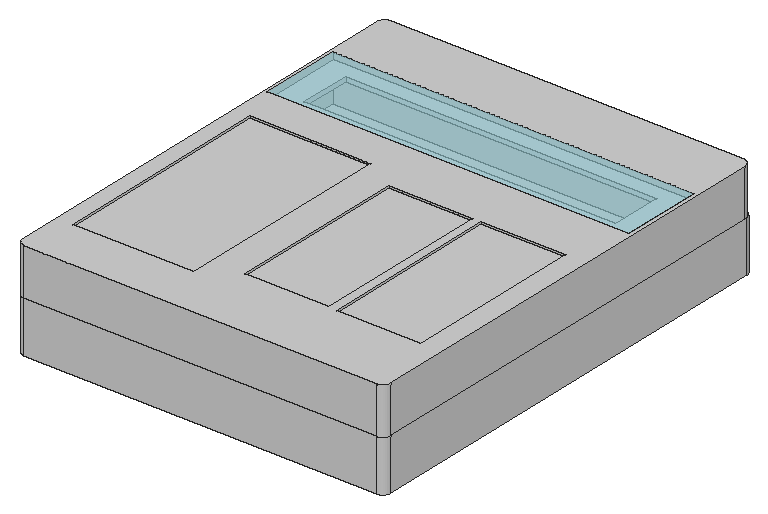
Revit family "Building-IEC309Boards-GEWISS-68QDIN-DISTRIBUTION-BOARD-20MOD_3SOCKET-OUTLETS_IB_VERT", category Apparecchi elettrici, host Superficie, Revit 2019
Family settings
  Host = Superficie
  Mantenere orientamento annotazione = Sì
  Quota connettore circolare = Usa diametro
  Tipo di parte = Normale
  Taglio con vuoti quando caricato = No
  Condiviso = No
  Punto di calcolo locali = Sì
Parameters (values of type "GW68022N - Q-DIN 20M 1S.O.BL.63A2S.O.BL.16/32A IP65")
  visibilita posizionamento 2d [instance] = yes
  simbolo 2d [instance] = yes
  oggetto in pianta [instance] = not(visibilita posizionamento 2d)  # no
  distanza_simbolo [instance] = 0.1 mm
  bordo acceso [instance] = yes
  Working temperature = "-25 ÷ +40 °C"
  Visibilità sportello [instance] = yes
  Version type = "Empty"
  Version file RFA = "21.5"
  VETRO = Vetro
  URL = "https://www.gewiss.com/ww/en"
  Thermo-pressure with ball = "70 °C"
  Technical sheet = "https://www.gewiss.com/ww/en/search?q=GW68022N"
  Spostamento_effettivo_S [instance] = 4000 mm - Spostamento_S  # 3000 mm
  Spostamento_S = 1000 mm
  Simbolo_quadro [instance] = not(simbolo 2d)  # no
  Shock resistance = "IK08"
  STRUTTURA ALTA = Poche
  STRUTTURA = RAL - 7035
  SEO = "Board"
  Realized by GEWISS S.p.A. = ""
  Default Elevation = 1219.2 mm
  Produttore = "GEWISS S.p.A."
  PRESA = rosso
  POMELLO = bianco
  Operating temperature: = "-25 +40 °C"
  No. of provided blank lids = "1 IB 16/32A"
  No. of modules EN 50022 = "20"
  No. of blank lids supplied = "1 IB 16/32A"
  No. IB socket-outlets houseable = "1 IB Vert. 63A IP67 + 2 IB Vert. 16/32A IP67"
  N_Moduli = 20 mm
  Modello = "GW68022N"
  L_Moduli = N_Moduli * 19  # 380 mm
  Insulation class = "II"
  Installation type = "Surface-mounting"
  Immagine tipo = GW68022N.jpg
  IP degree = "IP65"
  IDT = "c5faa6ce-0638-4a66-bbf1-3e08dc7c6100"
  IDF = "0a978d39-9037-424a-8be2-c3a2fb2c057e"
  Houseable socket = "1 IB Vert. 63A IP67 + 2 IB Vert. 16/32A IP67"
  Glow Wire Test = "650°C"
  Electrocod = "2242"
  EAN code = "8011564744899"
  Dispersible power B (W) = "92"
  Dispersible power A (W) = "30"
  Descrizione = "Q-DIN 20M 1S.O.BL.63A2S.O.BL.16/32A IP65"
  Colour = "Grey RAL 7035"
  Catalogue Range = "68 QDIN"
  Catalogue = "BUILDING"
  COBie.Tagnumber = ""
  COBie.CreatedOn = ""
  COBie.CreatebBy = ""
  COBie.ComponentRegisterItemID = ""
  COBie.Component.TagNumber = ""
  COBie.Component.Space = ""
  COBie.Component.SerialNumber = ""
  COBie.Component.InstallationDate = ""
  COBie.Component.Description = ""
  COBie.Component.BarCode = ""
  Accordance with Standards = "EN 60208 - EN 60670-1 - IEC 60670-24"
Reference planes
  plane 1 "Centro (Fronte/Retro)": y = 0
  plane 2: z = 0
  plane 3 "Centro (Sinistra/Destra)": x = 0
  plane 4: x = -3000
  plane 5: x = 0
Forms (mm)
  Extrusion 1, solid, detail levels coarse
    sketch origin (0, 0, 0) x (1, 0, 0) y (0, 1, 0)
      loop
        line (-225, 0) -> (225, 0) -> (225, 560) -> (-225, 560) -> (-225, 0)
    from 0 to 120
Lines and regions (mm)
  Masking region 1, visible <- "visibilita posizionamento 2d"
    outline origin (0, 0, 0) x (1, 0, 0) y (0, 0, 1)
      loop
        line (-160, 0) -> (160, 0) -> (160, 96) -> (-160, 96) -> (-160, 0)
Dimensions and locks
  plane 4 to plane 3 "Centro (Sinistra/Destra)" = 3000 mm
  "Spostamento_effettivo_S": plane 4 to plane 5
  aligned and locked: plane 2 to host face
  aligned and locked: level to host face
  aligned and locked: nested 1 to plane 5
  aligned and locked: nested 3 to plane 5
  aligned and locked: nested 2 to plane 5
  aligned and locked: nested 2 to Extrusion 1 sketch curve  (x2)
  aligned and locked: Extrusion 1 sketch curve to nested 2
  aligned and locked: plane 1 "Centro (Fronte/Retro)" to nested 2
  aligned and locked: nested 2 to Extrusion 1
  aligned and locked: Extrusion 1 to level
  aligned and locked: nested 2 to host face
  aligned and locked: Extrusion 1 to nested 2
Automatic sketch dimensions
  host sketch curve to host sketch curve = 2438.4 mm  (x2)
  Masking region 1 sketch curve to level = 0 mm
  Masking region 1 sketch curve to plane 3 "Centro (Sinistra/Destra)" = 160 mm
  plane 3 "Centro (Sinistra/Destra)" to Masking region 1 sketch curve = 160 mm
  Masking region 1 sketch curve to Masking region 1 sketch curve = 96 mm
  Extrusion 1 sketch curve to Extrusion 1 sketch curve = 560 mm
Nested families
  nested 1: "CENTRALINO" at (0, 737.795, 0), BORDO ACCESO <- "bordo acceso", SIMBOLO ACCESO <- "simbolo 2d", Distanza dal muro <- "distanza_simbolo", visible <- "simbolo 2d", type "CENTRALINO"
    with SIMBOLO ACCESO yes, Distanza dal muro 0.1 mm, BORDO ACCESO yes
  nested 2: "68QDIN20 QUADRO DISTRIBUZ X 3 PRESE IND_base" at (0, 357, 0), Visibilita sportello <- "Visibilità sportello", type "68QDIN20 QUADRO DISTRIBUZ X 3 PRESE IND_base", detail levels medium+fine
  nested 3: "simb_CENTRALINO_BASE_cad pro" at (0, 737.795, 0), Distanza dal muro <- "distanza_simbolo", visible <- "Simbolo_quadro", SIMBOLO ACCESO <- "Simbolo_quadro", type "simb_CENTRALINO_BASE_cad pro"
    with SIMBOLO ACCESO no, Distanza dal muro 0.1 mm, BORDO ACCESO yes
Definition of nested family "68QDIN20 QUADRO DISTRIBUZ X 3 PRESE IND_base"
  Parameters (values of type "68QDIN20 QUADRO DISTRIBUZ X 3 PRESE IND_base")
    n_moduli = 380 mm
    h_moduli = 62.79 mm
    Visibilita sportello [instance] = yes
    Vetro = none
    Struttura = none
    Spessore = 120 mm
    Default Elevation = 14 mm
    Presa = none
    Larghezza = 450 mm
    IFC.TypeObject = ""
    IFC.ExportType = ""
    IFC.ExportAs = ""
    H_da terra = 589.057 mm
    COBie.CreatedOn = ""
    COBie.CreatebBy = ""
    COBie.ComponentRegisterItemID = ""
    COBie.Component.TagNumber = ""
    COBie.Component.Space = ""
    COBie.Component.SerialNumber = ""
    COBie.Component.InstallationDate = ""
    COBie.Component.Description = ""
    COBie.Component.BarCode = ""
    Altezza scatole = 350 mm
    Altezza quadro = 150 mm
    Altezza = 258 mm
  Reference planes
    plane 1 "Centro (Fronte/Retro)": y = 0
    plane 2: z = 0
    plane 3 "Centro (Sinistra/Destra)": x = 0
    plane 4: z = 63
    plane 5: x = -225
    plane 6: x = 225
    plane 7: x = -221
    plane 8: x = 221
    plane 9: y = 122
    plane 10: y = 21.246
    plane 11: y = 0
    plane 12: y = -25.754
    plane 13: y = -357
    plane 14: y = 203
    plane 15: y = 101.79
    plane 16: y = 39
    plane 17: x = -190
    plane 18: x = 190
    plane 19: z = 120
    plane 20: y = 70.395
    plane 21: x = -204.6
    plane 22: x = 223.1
    plane 23: x = -56.6
    plane 24: y = -123
    plane 25: x = -16.6
    plane 26: x = 86.4
    plane 27: x = 96.4
    plane 28: x = 199.4
    plane 29: y = -295.754
    plane 30: y = -269.018
    plane 31: z = 106.8
    plane 32 "pos": z = 112
    plane 33: z = 118
  Forms (mm)
    Extrusion 1, solid, material <- "Struttura"
      sketch origin (0, -857.311, 0) x (1, 0, 0) y (0, 1, 0)
        loop
          arc (-215, 1060.311) -> (-222.071, 1057.382) -> (-225, 1050.311) r 10
          line (-225, 1050.311) -> (-225, 510.311)
          arc (-225, 510.311) -> (-222.071, 503.24) -> (-215, 500.311) r 10
          line (-215, 500.311) -> (215, 500.311)
          arc (215, 500.311) -> (222.071, 503.24) -> (225, 510.311) r 10
          line (225, 510.311) -> (225, 1050.311)
          arc (225, 1050.311) -> (222.071, 1057.382) -> (215, 1060.311) r 10
          line (215, 1060.311) -> (-215, 1060.311)
      from 63 to 120
    Extrusion 2, solid, material <- "Struttura"
      sketch origin (0, -857.311, 0) x (1, 0, 0) y (0, 1, 0)
        loop
          line (217.45, 1060.311) -> (-221.38, 1060.311)
          arc (-221.38, 1060.311) -> (-223.94, 1059.251) -> (-225, 1056.691) r 3.62
          line (-225, 1056.691) -> (-225, 510.311)
          arc (-225, 510.311) -> (-222.071, 503.24) -> (-215, 500.311) r 10
          line (-215, 500.311) -> (215, 500.311)
          arc (215, 500.311) -> (222.071, 503.24) -> (225, 510.311) r 10
          line (225, 510.311) -> (225, 1052.76)
          arc (225, 1052.76) -> (222.789, 1058.099) -> (217.45, 1060.311) r 7.55
      from 0 to 63
    Extrusion 3, void
      sketch origin (0, -857.311, 0) x (1, 0, 0) y (0, 1, 0)
        loop
          line (-221, 979.311) -> (-221, 878.557) -> (221, 878.557) -> (221, 979.311) -> (-221, 979.311)
      from 63 to 120
    Extrusion 4, void
      sketch origin (0, 0, 84.734) x (0, -1, 0) y (1, 0, 0)
        loop
          line (25.754, -204.6) -> (295.754, -204.6) -> (295.754, -56.6) -> (25.754, -56.6) -> (25.754, -204.6)
        loop
          line (269.018, -16.6) -> (269.018, 86.4) -> (49.018, 86.4) -> (49.018, -16.6) -> (269.018, -16.6)
        loop
          line (49.018, 96.4) -> (269.018, 96.4) -> (269.018, 199.4) -> (49.018, 199.4) -> (49.018, 96.4)
      from 33.266 to 35.266
    Extrusion 5, solid
      sketch origin (0, 0, 84.734) x (0, -1, 0) y (1, 0, 0)
        loop
          line (-122, -221) -> (-21.246, -221) -> (-21.246, 221) -> (-122, 221) -> (-122, -221)
      from 22.066 to 27.266
    Extrusion 6, void
      sketch origin (0, 0, 84.734) x (0, -1, 0) y (1, 0, 0)
        loop
          line (-101.79, -190) -> (-39, -190) -> (-39, 190) -> (-101.79, 190) -> (-101.79, -190)
      from 22.066 to 27.266
    Extrusion 7, solid, material <- "Vetro"
      sketch origin (0, 0, 84.734) x (0, -1, 0) y (1, 0, 0)
        loop
          line (-21.246, -221) -> (-21.246, 221) -> (-122, 221) -> (-122, -221) -> (-21.246, -221)
      from 27.266 to 35.266
  Cuts and joins
    Extrusion 3, Extrusion 4 cuts Extrusion 1
    Extrusion 6 cuts Extrusion 5
  Lines and regions (mm)
    model lines
      curve 1: line (190, 70.395, 112) -> (-190, 70.395, 112)
  Dimensions and locks
    locked: plane 5 to plane 7 at 4
    locked: plane 8 to plane 6 at 4
    equal spacing: plane 5, plane 3 "Centro (Sinistra/Destra)", plane 6
    "Larghezza": plane 5 to plane 6
    plane 11 to plane 12 = 25.754 mm
    plane 1 "Centro (Fronte/Retro)" to plane 14 = 203 mm
    plane 13 to plane 11 = 357 mm
    plane 10 to plane 1 "Centro (Fronte/Retro)" = 21.246 mm
    "h_moduli": plane 15 to plane 16
    equal spacing: plane 17, plane 3 "Centro (Sinistra/Destra)", plane 18
    "n_moduli": plane 17 to plane 18
    locked: plane 4 to plane 2 at 63
    equal spacing: plane 15, plane 20, plane 16
    plane 12 to plane 24 = 97.246 mm  (x2)
    locked: plane 22 to plane 6 at 1.9
    plane 21 to plane 23 = 148 mm  (x2)
    locked: plane 27 to plane 28 at 103
    plane 26 to plane 27 = 10 mm
    locked: plane 9 to plane 15 at 20.21
    plane 14 to plane 9 = 81 mm
    plane 10 to plane 12 = 47 mm
    cut or joined group of Extrusion 1, Extrusion 3, Extrusion 4 to cut or joined group of Extrusion 1, Extrusion 3, Extrusion 4 = 270 mm
    plane 13 to plane 14 = 560 mm
    locked: plane 32 "pos" to plane 31 at 5.2
    plane 4 to plane 19 = 57 mm
    locked: plane 19 to plane 32 "pos" at 8
    "Spessore": plane 19 to level
    locked: plane 19 to plane 33 at 2
    locked: plane 28 to plane 22 at 23.7
    plane 25 to plane 26 = 103 mm
    locked: plane 23 to plane 25 at 40
    radius of Extrusion 2 sketch curve = 10 mm  (x2)
    radius of Extrusion 2 sketch curve = 3.62 mm
    radius of Extrusion 2 sketch curve = 7.55 mm
    radius of Extrusion 1 sketch curve = 10 mm  (x4)
    aligned and locked: level to plane 2
    aligned and locked: Extrusion 2 sketch curve to plane 5
    aligned and locked: plane 6 to Extrusion 2 sketch curve
    aligned and locked: plane 6 to Extrusion 1 sketch curve
    aligned and locked: Extrusion 1 sketch curve to plane 5
    aligned and locked: Extrusion 3 sketch curve to plane 7
    aligned and locked: Extrusion 3 sketch curve to plane 8
    aligned and locked: Extrusion 3 sketch curve to plane 9
    aligned and locked: Extrusion 3 sketch curve to plane 10
    aligned and locked: plane 13 to Extrusion 2 sketch curve
    aligned and locked: plane 1 "Centro (Fronte/Retro)" to plane 11
    aligned and locked: plane 14 to Extrusion 1 sketch curve
    aligned and locked: plane 13 to Extrusion 1 sketch curve
    aligned and locked: Extrusion 2 sketch curve to plane 14
    aligned and locked: Extrusion 4 sketch curve to plane 21
    aligned and locked: Extrusion 4 sketch curve to plane 23
    aligned and locked: Extrusion 4 sketch curve to plane 25
    aligned and locked: Extrusion 4 sketch curve to plane 26
    aligned and locked: Extrusion 4 sketch curve to plane 27
    aligned and locked: Extrusion 4 sketch curve to plane 28
    aligned and locked: Extrusion 1 to Extrusion 4
    aligned and locked: Extrusion 4 sketch curve to plane 29
    aligned and locked: plane 30 to Extrusion 4 sketch curve
    aligned and locked: Extrusion 1 to Extrusion 3
    aligned and locked: plane 4 to cut or joined group of Extrusion 1, Extrusion 3, Extrusion 4  (x2)
    aligned and locked: plane 8 to Extrusion 5 sketch curve
    aligned and locked: Extrusion 5 sketch curve to plane 7
    aligned and locked: Extrusion 5 sketch curve to plane 10
    aligned and locked: Extrusion 5 sketch curve to plane 9
    aligned and locked: Extrusion 5 to plane 31
    aligned and locked: plane 32 "pos" to Extrusion 5
    aligned and locked: Extrusion 2 to cut or joined group of Extrusion 1, Extrusion 3, Extrusion 4
    aligned and locked: plane 19 to Extrusion 1
    aligned and locked: cut or joined group of Extrusion 1, Extrusion 3, Extrusion 4 to plane 33
    aligned and locked: Extrusion 6 sketch curve to plane 15
    aligned and locked: Extrusion 6 sketch curve to plane 16
    aligned and locked: Extrusion 6 sketch curve to plane 17
    aligned and locked: Extrusion 6 sketch curve to plane 18
    aligned and locked: Extrusion 6 to plane 31
    aligned and locked: plane 32 "pos" to Extrusion 6
    aligned and locked: Extrusion 7 sketch curve to plane 7
    aligned and locked: Extrusion 7 sketch curve to plane 8
    aligned and locked: Extrusion 7 sketch curve to plane 10
    aligned and locked: Extrusion 7 sketch curve to plane 9
    aligned and locked: Extrusion 7 to plane 32 "pos"
    aligned and locked: plane 19 to Extrusion 7
    aligned and locked: curve 1 to plane 20
    aligned and locked: plane 17 to curve 1
    aligned and locked: plane 18 to curve 1
  Automatic sketch dimensions
    Extrusion 4 sketch curve to plane 12 = 0 mm
    Extrusion 4 sketch curve to plane 12 = 23.264 mm
    plane 30 to Extrusion 4 sketch curve = 0 mm
    Extrusion 4 sketch curve to Extrusion 4 sketch curve = 0 mm
Definition of nested family "CENTRALINO"
  Parameters (values of type "CENTRALINO")
    SIMBOLO ACCESO [instance] = yes
    Distanza dal muro [instance] = 0 mm
    BORDO ACCESO [instance] = yes
  Reference planes
    plane 1: y = 0
    plane 2: x = 0
  Dimensions and locks
    "Distanza dal muro": plane 1 to nested 1
    aligned and locked: plane 2 to nested 1
  Nested families
    nested 1: "CENTRALINO_BASE" at (0, 0, 0), BORDO ACCESO <- "BORDO ACCESO", visible <- "SIMBOLO ACCESO", type "CENTRALINO"
      with BORDO ACCESO yes
  Definition of nested family "CENTRALINO_BASE"
    Parameters (values of type "CENTRALINO")
      Distanza dal muro = 0 mm
      BORDO ACCESO [instance] = yes
    Reference planes
      plane 1: y = 0
      plane 2: x = 0
    Lines and regions (mm)
      detail lines, visible <- "BORDO ACCESO", not visible
        curve 1: line (-2.443, 10.208, 0) -> (2.057, 10.208, 0)
        curve 2: line (2.057, 10.208, 0) -> (2.057, 4.208, 0)
        curve 3: line (2.057, 4.208, 0) -> (-2.443, 4.208, 0)
        curve 4: line (-2.443, 4.208, 0) -> (-2.443, 10.208, 0)
        curve 5: line (-2.043, 9.808, 0) -> (1.657, 9.808, 0)
        curve 6: line (1.657, 9.808, 0) -> (1.657, 4.608, 0)
        curve 7: line (1.657, 4.608, 0) -> (-2.043, 4.608, 0)
        curve 8: line (-2.043, 4.608, 0) -> (-2.043, 9.808, 0)
      detail lines
        curve 9: line (0, 0.671, 0) -> (0, 0, 0)
        curve 10: line (0.659, 0.671, 0) -> (0.659, 1.33, 0)
        curve 11: line (0.659, 1.33, 0) -> (-0.659, 1.33, 0)
        curve 12: line (-0.659, 1.33, 0) -> (-0.659, 0.671, 0)
        curve 13: line (-0.659, 0.671, 0) -> (0.659, 0.671, 0)
        curve 14: line (0.497, 1.33, 0) -> (0.497, 2, 0)
        curve 15: line (0.167, 1.33, 0) -> (0.167, 2, 0)
        curve 16: line (-0.162, 1.33, 0) -> (-0.162, 2, 0)
        curve 17: line (-0.491, 1.33, 0) -> (-0.491, 2, 0)
Definition of nested family "simb_CENTRALINO_BASE_cad pro"
  Parameters (values of type "simb_CENTRALINO_BASE_cad pro")
    SIMBOLO ACCESO [instance] = yes
    Distanza dal muro [instance] = 0 mm
    BORDO ACCESO [instance] = yes
  Reference planes
    plane 1: y = 0
    plane 2: x = 0
  Dimensions and locks
    "Distanza dal muro": plane 1 to nested 1
    aligned and locked: plane 2 to nested 1
  Nested families
    nested 1: "CENTRALINO_BASE_cad pro" at (0, 0, 0), type "CENTRALINO"
  Definition of nested family "CENTRALINO_BASE_cad pro"
    Parameters (values of type "CENTRALINO")
      Distanza dal muro = 0 mm
    Reference planes
      plane 1: y = 0
      plane 2: x = 0
    Lines and regions (mm)
      detail lines
        curve 1: line (1.33, 1.33, 0) -> (2.109, 1.33, 0)
        curve 2: line (2.109, 1.33, 0) -> (2.109, 0, 0)
        curve 3: line (2.109, 0, 0) -> (1.33, 0, 0)
        curve 4: line (1.33, 0, 0) -> (-1.33, 1.33, 0)
        curve 5: line (-1.33, 1.33, 0) -> (1.33, 1.33, 0)
        curve 6: line (1.33, 1.33, 0) -> (1.33, 0, 0)
        curve 7: line (1.33, 0, 0) -> (-1.33, 0, 0)
        curve 8: line (-1.33, 0, 0) -> (-1.33, 1.33, 0)
        curve 9: line (1.461, 0.665, 0) -> (1.977, 0.665, 0)
        curve 10: line (1.719, 0.665, 0) -> (1.719, 1.01, 0)
        curve 11: arc (1.977, 0.406, 0) -> (1.719, 0.665, 0) -> (1.461, 0.406, 0) r 0.258
